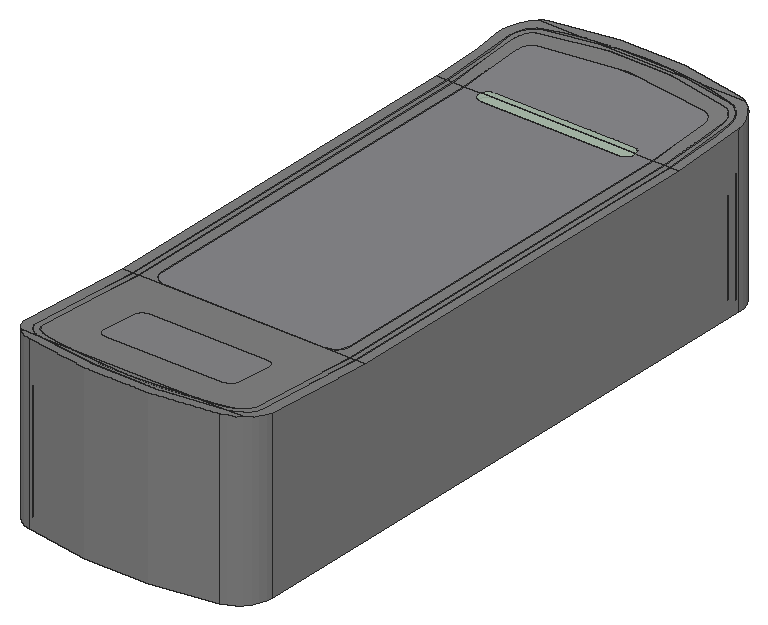
Revit family "Smartcard Reader_Farpointe_CSR-35_R17", category Security Devices, host Face, Revit 2017
Family settings
  Host = Face
  Maintain Annotation Orientation = No
  Round Connector Dimension = Use Diameter
  Part Type = Normal
  Cut with Voids When Loaded = No
  Shared = No
  Room Calculation Point = No
Parameters (values of type "Mullion")
  Width = 1.7"
  URL - Quick Start Guides [instance] = "http://farpointedata.com/downloads/qsg_and_ref/Conekt_QSG.pdf"
  URL - Mounting Guides Letter Size [instance] = "http://farpointedata.com/downloads/mounting_guides/MountingGuide_CSR35_Ltr.pdf"
  URL - Mounting Guides A4 Size [instance] = "N/A"
  URL - Data Sheets [instance] = "http://farpointedata.com/downloads/datasheets/CSR35_Conekt_TDS.pdf"
  URL - Bid Specifications [instance] = "http://farpointedata.com/downloads/bid_specs/Farpointe_Conekt_CSI_MF14_Specification.docx"
  URL = "http://www.farpointedata.com/"
  PLATE = no
  Manufacturer = "Farpointe Data"  # constant formula
  Height = 4.7"
  Depth = 1.2"
  Default Elevation = 48"
Types (3): name | Width | PLATE | Height
  (no name) | 1.7" | no | 4.7"
  Mullion | 1.7" | no | 4.7"
  Switch Plate | 3" | yes | 5.1"
Reference planes (in)
  plane 1 "Center (Front/Back)": y = 0
  plane 2: z = 0
  plane 3 "Center (Left/Right)": x = 0
  plane 4: x = -0.85
  plane 5: x = 0.85
  plane 6: y = 2.35
  plane 7: y = -2.35
  plane 8: z = 1.2
Dimensions and locks (in)
  equal spacing: plane 7, plane 1 "Center (Front/Back)", plane 6
  equal spacing: plane 4, plane 3 "Center (Left/Right)", plane 5
  "Height": plane 7 to plane 6
  "Width": plane 4 to plane 5
  "Depth": plane 8 to level
  aligned and locked: plane 2 to host face
  aligned and locked: level to host face
Automatic sketch dimensions
  host sketch curve to host sketch curve = 8.0501"
  host sketch curve to host sketch curve = 10.15159"
Nested families (in)
  nested 1: "Farpointe_CSR35_MULLION_R16" at (0, 0, 0), type "MULLION"
    with URL - Quick Start Guides "", URL - Mounting Guides Letter Size "", URL - Mounting Guides A4 Size "", URL - Data Sheets "", URL - Bid Specifications "", Plastic_Matte Plastic - Matte Black, Plastic_Gloss Plastic - Gloss Black, LED LED
  nested 2: "Farpointe_CSR35_PLATE_R16" at (0, 0, 0), visible <- "PLATE", type "MULLION"
    with URL - Quick Start Guides "", URL - Mounting Guides Letter Size "", URL - Mounting Guides A4 Size "", URL - Data Sheets "", URL - Bid Specifications "", Plastic_Matte Plastic - Matte Black, Plastic_Gloss Plastic - Gloss Black, LED LED
Definition of nested family "Farpointe_CSR35_MULLION_R16"
  Parameters (values of type "MULLION")
    Width = 1.7"
    URL - Quick Start Guides [instance] = ""
    URL - Mounting Guides Letter Size [instance] = ""
    URL - Mounting Guides A4 Size [instance] = ""
    URL - Data Sheets [instance] = ""
    URL - Bid Specifications [instance] = ""
    URL = "http://www.farpointedata.com/"
    Plastic_Matte [instance] = none
    Manufacturer = "Farpointe Data"  # constant formula
    LED [instance] = none
    Height = 4.7"
    Plastic_Gloss [instance] = none
    Depth = 1.2"
    Default Elevation = 48"
  Reference planes (in)
    plane 1 "Center (Front/Back)": y = 0
    plane 2: z = 0
    plane 3 "Center (Left/Right)": x = 0
    plane 4: x = -0.85
    plane 5: x = 0.85
    plane 6: y = 2.35
    plane 7: y = -2.35
    plane 8: z = 1.2
    plane 9: x = -0.71562
    plane 10: x = 0.71563
    plane 11: x = -0.71562
    plane 12: x = 0.71563
    plane 13: x = -0.71562
    plane 14: x = 0.71563
    plane 15: x = -0.71562
    plane 16: x = 0.71563
    plane 17: x = -0.71562
    plane 18: x = 0.71563
    plane 19: x = -0.71562
    plane 20: x = 0.71563
  Forms (in)
    Extrusion 1, solid
      sketch origin (0, 0, 0) x (1, 0, 0) y (0, 1, 0)
        loop
          line (-48, 48) -> (-48, -48) -> (48, -48) -> (48, 48) -> (-48, 48)
      from 0 to -12
    Extrusion 2, solid, material <- "Plastic_Gloss"
      sketch origin (0, 0, 0) x (1, 0, 0) y (0, 1, 0)
        loop
          arc (-0.66774, 2.27156) -> (-0.79894, 2.18781) -> (-0.85, 2.04077) r 0.23724
          line (-0.85, 2.04077) -> (-0.85, -2.04077)
          arc (-0.85, -2.04077) -> (-0.79894, -2.18781) -> (-0.66774, -2.27156) r 0.23724
          arc (-0.66774, -2.27156) -> (0, -2.35) -> (0.66774, -2.27156) r 2.88123
          arc (0.66774, -2.27156) -> (0.79894, -2.18781) -> (0.85, -2.04077) r 0.23724
          line (0.85, -2.04077) -> (0.85, 2.04077)
          arc (0.85, 2.04077) -> (0.79894, 2.18781) -> (0.66774, 2.27156) r 0.23724
          arc (0.66774, 2.27156) -> (0, 2.35) -> (-0.66774, 2.27156) r 2.88123
        loop
          arc (-0.65152, 2.20346) -> (-0.74401, 2.14443) -> (-0.78, 2.04077) r 0.16724
          line (-0.78, 2.04077) -> (-0.78, -2.04077)
          arc (-0.78, -2.04077) -> (-0.74401, -2.14443) -> (-0.65152, -2.20346) r 0.16724
          arc (-0.65152, -2.20346) -> (0, -2.28) -> (0.65152, -2.20346) r 2.81123
          arc (0.65152, -2.20346) -> (0.74401, -2.14443) -> (0.78, -2.04077) r 0.16724
          line (0.78, -2.04077) -> (0.78, 2.04077)
          arc (0.78, 2.04077) -> (0.74401, 2.14443) -> (0.65152, 2.20346) r 0.16724
          arc (0.65152, 2.20346) -> (0, 2.28) -> (-0.65152, 2.20346) r 2.81123
      from 0 to 1.2
    Extrusion 3, solid, material <- "Plastic_Gloss"
      sketch origin (0, 0, 0) x (1, 0, 0) y (0, 1, 0)
        loop
          arc (-0.65152, 2.20346) -> (-0.74401, 2.14443) -> (-0.78, 2.04077) r 0.16724
          line (-0.78, 2.04077) -> (-0.78, -2.04077)
          arc (-0.78, -2.04077) -> (-0.74401, -2.14443) -> (-0.65152, -2.20346) r 0.16724
          arc (-0.65152, -2.20346) -> (0, -2.28) -> (0.65152, -2.20346) r 2.81123
          arc (0.65152, -2.20346) -> (0.74401, -2.14443) -> (0.78, -2.04077) r 0.16724
          line (0.78, -2.04077) -> (0.78, 2.04077)
          arc (0.78, 2.04077) -> (0.74401, 2.14443) -> (0.65152, 2.20346) r 0.16724
          arc (0.65152, 2.20346) -> (0, 2.28) -> (-0.65152, 2.20346) r 2.81123
        loop
          arc (-0.64225, 2.16455) -> (-0.71262, 2.11964) -> (-0.74, 2.04077) r 0.12724
          line (-0.74, 2.04077) -> (-0.74, -2.04077)
          arc (-0.74, -2.04077) -> (-0.71262, -2.11964) -> (-0.64225, -2.16455) r 0.12724
          arc (-0.64225, -2.16455) -> (0, -2.24) -> (0.64225, -2.16455) r 2.77123
          arc (0.64225, -2.16455) -> (0.71262, -2.11964) -> (0.74, -2.04077) r 0.12724
          line (0.74, -2.04077) -> (0.74, 2.04077)
          arc (0.74, 2.04077) -> (0.71262, 2.11964) -> (0.64225, 2.16455) r 0.12724
          arc (0.64225, 2.16455) -> (0, 2.24) -> (-0.64225, 2.16455) r 2.77123
      from 0 to 1.2
    Extrusion 4, solid, material <- "Plastic_Gloss"
      sketch origin (0, 0, 0) x (1, 0, 0) y (0, 1, 0)
        loop
          arc (-0.64225, 2.16455) -> (-0.71262, 2.11964) -> (-0.74, 2.04077) r 0.12724
          line (-0.74, 2.04077) -> (-0.74, -2.04077)
          arc (-0.74, -2.04077) -> (-0.71262, -2.11964) -> (-0.64225, -2.16455) r 0.12724
          arc (-0.64225, -2.16455) -> (0, -2.24) -> (0.64225, -2.16455) r 2.77123
          arc (0.64225, -2.16455) -> (0.71262, -2.11964) -> (0.74, -2.04077) r 0.12724
          line (0.74, -2.04077) -> (0.74, 2.04077)
          arc (0.74, 2.04077) -> (0.71262, 2.11964) -> (0.64225, 2.16455) r 0.12724
          arc (0.64225, 2.16455) -> (0, 2.24) -> (-0.64225, 2.16455) r 2.77123
        loop
          arc (-0.58278, 2.07565) -> (-0.63901, 2.04058) -> (-0.66096, 1.97806) r 0.1
          line (-0.66096, 1.97806) -> (-0.66096, -1.12207)
          arc (-0.66096, -1.12207) -> (-0.63168, -1.19278) -> (-0.56096, -1.22207) r 0.1
          line (-0.56096, -1.22207) -> (0.56096, -1.22207)
          arc (0.56096, -1.22207) -> (0.63168, -1.19278) -> (0.66096, -1.12207) r 0.1
          line (0.66096, -1.12207) -> (0.66096, 1.97806)
          arc (0.66096, 1.97806) -> (0.63901, 2.04058) -> (0.58278, 2.07565) r 0.1
          arc (0.58278, 2.07565) -> (0, 2.14) -> (-0.58278, 2.07565) r 2.67123
        loop
          arc (-0.41086, -1.53207) -> (-0.45506, -1.55038) -> (-0.47336, -1.59457) r 0.0625
          line (-0.47336, -1.59457) -> (-0.47336, -1.8675)
          arc (-0.47336, -1.8675) -> (-0.45506, -1.91169) -> (-0.41086, -1.93) r 0.0625
          line (-0.41086, -1.93) -> (0.41086, -1.93)
          arc (0.41086, -1.93) -> (0.45506, -1.91169) -> (0.47336, -1.8675) r 0.0625
          line (0.47336, -1.8675) -> (0.47336, -1.59457)
          arc (0.47336, -1.59457) -> (0.45506, -1.55038) -> (0.41086, -1.53207) r 0.0625
          line (0.41086, -1.53207) -> (-0.41086, -1.53207)
      from 0 to 1.2
    Extrusion 5, solid, material <- "Plastic_Matte"
      sketch origin (0, 0, 0) x (1, 0, 0) y (0, 1, 0)
        loop
          arc (-0.58278, 2.07565) -> (-0.63901, 2.04058) -> (-0.66096, 1.97806) r 0.1
          line (-0.66096, 1.97806) -> (-0.66096, -1.12207)
          arc (-0.66096, -1.12207) -> (-0.63168, -1.19278) -> (-0.56096, -1.22207) r 0.1
          line (-0.56096, -1.22207) -> (0.56096, -1.22207)
          arc (0.56096, -1.22207) -> (0.63168, -1.19278) -> (0.66096, -1.12207) r 0.1
          line (0.66096, -1.12207) -> (0.66096, 1.97806)
          arc (0.66096, 1.97806) -> (0.63901, 2.04058) -> (0.58278, 2.07565) r 0.1
          arc (0.58278, 2.07565) -> (0, 2.14) -> (-0.58278, 2.07565) r 2.67123
        loop
          line (0.48286, 1.57518) -> (-0.48286, 1.57518)
          arc (-0.48286, 1.57518) -> (-0.54476, 1.51329) -> (-0.48286, 1.4514) r 0.06189
          line (-0.48286, 1.4514) -> (0.48286, 1.4514)
          arc (0.48286, 1.4514) -> (0.54476, 1.51329) -> (0.48286, 1.57518) r 0.06189
        loop
          arc (-0.41086, -1.53207) -> (-0.45506, -1.55038) -> (-0.47336, -1.59457) r 0.0625
          line (-0.47336, -1.59457) -> (-0.47336, -1.8675)
          arc (-0.47336, -1.8675) -> (-0.45506, -1.91169) -> (-0.41086, -1.93) r 0.0625
          line (-0.41086, -1.93) -> (0.41086, -1.93)
          arc (0.41086, -1.93) -> (0.45506, -1.91169) -> (0.47336, -1.8675) r 0.0625
          line (0.47336, -1.8675) -> (0.47336, -1.59457)
          arc (0.47336, -1.59457) -> (0.45506, -1.55038) -> (0.41086, -1.53207) r 0.0625
          line (0.41086, -1.53207) -> (-0.41086, -1.53207)
      from 0 to 1.2
    Extrusion 6, solid, material <- "LED"
      sketch origin (0, 0, 0) x (1, 0, 0) y (0, 1, 0)
        loop
          line (0.48286, 1.57518) -> (-0.48286, 1.57518)
          arc (-0.48286, 1.57518) -> (-0.54476, 1.51329) -> (-0.48286, 1.4514) r 0.06189
          line (-0.48286, 1.4514) -> (0.48286, 1.4514)
          arc (0.48286, 1.4514) -> (0.54476, 1.51329) -> (0.48286, 1.57518) r 0.06189
      from 1.08089 to 1.2
    Extrusion 7, void
      sketch origin (0, 0, 0) x (0, 1, 0) y (0, 0, 1)
        loop
          line (-1.22367, 1.10847) -> (1.52633, 1.10847)
          arc (1.52633, 1.10847) -> (1.89088, 1.12803) -> (2.25125, 1.18648) r 3.40728
          arc (2.25125, 1.18648) -> (2.43941, 1.19273) -> (2.61756, 1.13186) r 0.52234
          arc (2.61756, 1.13186) -> (2.7148, 1.14927) -> (2.71664, 1.24804) r 0.07783
          arc (2.71664, 1.24804) -> (2.53201, 1.53935) -> (2.41153, 1.86251) r 1.66069
          arc (2.41153, 1.86251) -> (1.08419, 2.25443) -> (-0.27026, 1.96999) r 2.82973
          arc (-0.27026, 1.96999) -> (-1.20244, 1.64322) -> (-2.18672, 1.72634) r 2.36145
          arc (-2.18672, 1.72634) -> (-2.56402, 1.56803) -> (-2.97212, 1.59755) r 0.87961
          arc (-2.97212, 1.59755) -> (-3.29584, 1.36078) -> (-2.97254, 1.12344) r 0.24861
          arc (-2.97254, 1.12344) -> (-2.5914, 1.19715) -> (-2.20346, 1.18272) r 1.70477
          arc (-2.20346, 1.18272) -> (-1.71497, 1.12706) -> (-1.22367, 1.10847) r 6.50153
      from -1.37394 to 1.04822
    Extrusion 8, solid, material <- "Plastic_Matte"
      sketch origin (0, 0, 0) x (1, 0, 0) y (0, 1, 0)
        loop
          line (0.48286, 1.57518) -> (-0.48286, 1.57518)
          arc (-0.48286, 1.57518) -> (-0.54476, 1.51329) -> (-0.48286, 1.4514) r 0.06189
          line (-0.48286, 1.4514) -> (0.48286, 1.4514)
          arc (0.48286, 1.4514) -> (0.54476, 1.51329) -> (0.48286, 1.57518) r 0.06189
      from 0 to 1.08089
  Cuts and joins
    Extrusion 7 cuts Extrusion 3
    Extrusion 7 cuts Extrusion 6
    Extrusion 7 cuts Extrusion 2
    Extrusion 7 cuts Extrusion 4
    Extrusion 7 cuts Extrusion 5
  Dimensions and locks (in)
    equal spacing: plane 7, plane 1 "Center (Front/Back)", plane 6
    equal spacing: plane 4, plane 3 "Center (Left/Right)", plane 5
    "Height": plane 7 to plane 6
    "Width": plane 4 to plane 5
    "Depth": plane 8 to level
    aligned and locked: plane 2 to Extrusion 1
    aligned and locked: level to Extrusion 1
  Automatic sketch dimensions
    Extrusion 1 sketch curve to Extrusion 1 sketch curve = 96"  (x2)
    Extrusion 2 sketch curve to plane 3 "Center (Left/Right)" = 0"  (x2)
    Extrusion 2 sketch curve to plane 5 = 0"
    Extrusion 2 sketch curve to plane 9 = 0.10286"
    Extrusion 2 sketch curve to plane 10 = 0.10286"  (x2)
    Extrusion 2 sketch curve to plane 7 = 0.30923"
    plane 6 to Extrusion 2 sketch curve = 0.30923"
    Extrusion 2 sketch curve to plane 10 = 0.04788"  (x2)
    Extrusion 2 sketch curve to Extrusion 2 sketch curve = 0"  (x15)
    Extrusion 2 sketch curve to plane 4 = 0"
    Extrusion 2 sketch curve to Extrusion 2 sketch curve = 0.01622"  (x7)
    Extrusion 2 sketch curve to Extrusion 2 sketch curve = 0.06809"
    Extrusion 3 sketch curve to plane 3 "Center (Left/Right)" = 0"  (x2)
    plane 11 to Extrusion 3 sketch curve = 0.06437"
    Extrusion 3 sketch curve to plane 11 = 0.10286"  (x2)
    Extrusion 3 sketch curve to plane 12 = 0.10286"  (x2)
    plane 12 to Extrusion 3 sketch curve = 0.06438"
    Extrusion 3 sketch curve to plane 7 = 0.30923"
    plane 6 to Extrusion 3 sketch curve = 0.30923"
    Extrusion 3 sketch curve to Extrusion 3 sketch curve = 0"  (x14)
    Extrusion 3 sketch curve to Extrusion 3 sketch curve = 0.00927"  (x7)
    Extrusion 3 sketch curve to Extrusion 3 sketch curve = 0.03891"
    Extrusion 5 sketch curve to plane 3 "Center (Left/Right)" = 0"
    Extrusion 5 sketch curve to plane 15 = 0.23276"
    Extrusion 5 sketch curve to plane 15 = 0.15466"  (x2)
    Extrusion 5 sketch curve to plane 15 = 0.05466"
    Extrusion 5 sketch curve to plane 16 = 0.23276"
    Extrusion 5 sketch curve to plane 16 = 0.15466"  (x2)
    Extrusion 5 sketch curve to plane 16 = 0.05466"
    Extrusion 5 sketch curve to plane 7 = 1.12793"
    plane 1 "Center (Front/Back)" to Extrusion 5 sketch curve = 0.53123"
    plane 6 to Extrusion 5 sketch curve = 0.8986"
    Extrusion 5 sketch curve to Extrusion 5 sketch curve = 0.06189"
    plane 6 to Extrusion 5 sketch curve = 0.37194"  (x2)
    Extrusion 5 sketch curve to Extrusion 5 sketch curve = 0"
    Extrusion 6 sketch curve to plane 17 = 0.23276"
    Extrusion 6 sketch curve to plane 18 = 0.23276"
    plane 6 to Extrusion 6 sketch curve = 0.8986"
    Extrusion 6 sketch curve to Extrusion 6 sketch curve = 0.06189"
    Extrusion 8 sketch curve to plane 19 = 0.23276"
    Extrusion 8 sketch curve to plane 20 = 0.23276"
    plane 6 to Extrusion 8 sketch curve = 0.8986"
    Extrusion 8 sketch curve to Extrusion 8 sketch curve = 0.06189"
    Extrusion 4 sketch curve to Extrusion 4 sketch curve = 0"  (x7)
    Extrusion 4 sketch curve to plane 3 "Center (Left/Right)" = 0"  (x2)
    Extrusion 4 sketch curve to plane 3 "Center (Left/Right)" = 0.41086"
    Extrusion 4 sketch curve to plane 13 = 0.15466"  (x2)
    Extrusion 4 sketch curve to plane 13 = 0.10286"
    Extrusion 4 sketch curve to Extrusion 4 sketch curve = 0.0518"  (x2)
    Extrusion 4 sketch curve to plane 13 = 0.05466"
    plane 13 to Extrusion 4 sketch curve = 0.02437"
    plane 3 "Center (Left/Right)" to Extrusion 4 sketch curve = 0.41086"
    Extrusion 4 sketch curve to Extrusion 4 sketch curve = 0.0625"  (x2)
    Extrusion 4 sketch curve to plane 14 = 0.15466"  (x2)
    Extrusion 4 sketch curve to plane 14 = 0.10286"
    Extrusion 4 sketch curve to plane 14 = 0.05466"
    plane 14 to Extrusion 4 sketch curve = 0.02438"
    Extrusion 4 sketch curve to plane 7 = 0.30923"  (x2)
    Extrusion 4 sketch curve to Extrusion 4 sketch curve = 0.11077"
    Extrusion 4 sketch curve to Extrusion 4 sketch curve = 0.27293"
    Extrusion 4 sketch curve to Extrusion 4 sketch curve = 0.31"
    plane 1 "Center (Front/Back)" to Extrusion 4 sketch curve = 0.53123"
    Extrusion 4 sketch curve to plane 1 "Center (Front/Back)" = 0.53123"
    plane 6 to Extrusion 4 sketch curve = 0.37194"  (x2)
    Extrusion 4 sketch curve to Extrusion 4 sketch curve = 0.06271"
    Extrusion 4 sketch curve to Extrusion 4 sketch curve = 0.03488"
    Extrusion 5 sketch curve to plane 15 = 0.24226"
    Extrusion 5 sketch curve to Extrusion 5 sketch curve = 0.0625"  (x3)
    Extrusion 5 sketch curve to plane 16 = 0.30476"  (x2)
    Extrusion 5 sketch curve to Extrusion 5 sketch curve = 0.31"
    Extrusion 5 sketch curve to Extrusion 5 sketch curve = 0.27293"
    plane 8 to Extrusion 7 sketch curve = 0.16056"
    plane 7 to Extrusion 7 sketch curve = 0.69723"
    plane 7 to Extrusion 7 sketch curve = 0.35635"
    plane 7 to Extrusion 7 sketch curve = 0.11037"
    Extrusion 7 sketch curve to plane 7 = 0.84974"
    Extrusion 7 sketch curve to plane 8 = 0.09153"
    Extrusion 7 sketch curve to plane 7 = 1.12633"
    Extrusion 7 sketch curve to level = 0.57303"
    Extrusion 7 sketch curve to plane 1 "Center (Front/Back)" = 0.97087"
    plane 6 to Extrusion 7 sketch curve = 0.82367"
    Extrusion 7 sketch curve to plane 6 = 0.01238"
    Extrusion 7 sketch curve to plane 8 = 0.00022"
    Extrusion 7 sketch curve to plane 6 = 0.30558"
    Extrusion 7 sketch curve to level = 0.50258"
    Extrusion 7 sketch curve to plane 8 = 0.52391"
    Extrusion 7 sketch curve to Extrusion 7 sketch curve = 1.07549"
    Extrusion 7 sketch curve to Extrusion 7 sketch curve = 0.52994"
    Extrusion 7 sketch curve to Extrusion 7 sketch curve = 3.62419"
    Extrusion 7 sketch curve to plane 8 = 0.07656"
    Extrusion 7 sketch curve to Extrusion 7 sketch curve = 0"  (x5)
    Extrusion 7 sketch curve to plane 7 = 0.16328"
    plane 1 "Center (Front/Back)" to Extrusion 7 sketch curve = 0.27026"
    Extrusion 7 sketch curve to plane 6 = 0.06153"
    plane 8 to Extrusion 7 sketch curve = 0.04804"
    Extrusion 7 sketch curve to Extrusion 7 sketch curve = 0.06106"
Definition of nested family "Farpointe_CSR35_PLATE_R16"
  Parameters (values of type "MULLION")
    Width = 3"
    URL - Quick Start Guides [instance] = ""
    URL - Mounting Guides Letter Size [instance] = ""
    URL - Mounting Guides A4 Size [instance] = ""
    URL - Data Sheets [instance] = ""
    URL - Bid Specifications [instance] = ""
    URL = "http://www.farpointedata.com/"
    Plastic_Matte [instance] = none
    Manufacturer = "Farpointe Data"  # constant formula
    LED [instance] = none
    Height = 5.1"
    Plastic_Gloss [instance] = none
    Depth = 1.2"
    Default Elevation = 48"
  Reference planes (in)
    plane 1 "Center (Front/Back)": y = 0
    plane 2: z = 0
    plane 3 "Center (Left/Right)": x = 0
    plane 4: x = -1.5
    plane 5: x = 1.5
    plane 6: y = 2.55
    plane 7: y = -2.55
    plane 8: z = 1.2
    plane 9: x = -0.71562
    plane 10: x = 0.71563
  Forms (in)
    Extrusion 1, solid
      sketch origin (0, 0, 0) x (1, 0, 0) y (0, 1, 0)
        loop
          line (-3, 5) -> (-3, -4.62308) -> (3.562, -4.62308) -> (3.562, 5) -> (-3, 5)
      from 0 to -0.74626
    Extrusion 2, solid, material <- "Plastic_Gloss"
      sketch origin (0, 0, 0) x (1, 0, 0) y (0, 1, 0)
        loop
          arc (-0.66774, 2.27156) -> (-0.79894, 2.18781) -> (-0.85, 2.04077) r 0.23724
          line (-0.85, 2.04077) -> (-0.85, -2.04077)
          arc (-0.85, -2.04077) -> (-0.79894, -2.18781) -> (-0.66774, -2.27156) r 0.23724
          arc (-0.66774, -2.27156) -> (0, -2.35) -> (0.66774, -2.27156) r 2.88123
          arc (0.66774, -2.27156) -> (0.79894, -2.18781) -> (0.85, -2.04077) r 0.23724
          line (0.85, -2.04077) -> (0.85, 2.04077)
          arc (0.85, 2.04077) -> (0.79894, 2.18781) -> (0.66774, 2.27156) r 0.23724
          arc (0.66774, 2.27156) -> (0, 2.35) -> (-0.66774, 2.27156) r 2.88123
        loop
          arc (-1.125, 2.55) -> (-1.39017, 2.44017) -> (-1.5, 2.175) r 0.375
          line (-1.5, 2.175) -> (-1.5, -2.175)
          arc (-1.5, -2.175) -> (-1.39017, -2.44017) -> (-1.125, -2.55) r 0.375
          line (-1.125, -2.55) -> (1.125, -2.55)
          arc (1.125, -2.55) -> (1.39017, -2.44017) -> (1.5, -2.175) r 0.375
          line (1.5, -2.175) -> (1.5, 2.175)
          arc (1.5, 2.175) -> (1.39017, 2.44017) -> (1.125, 2.55) r 0.375
          line (1.125, 2.55) -> (-1.125, 2.55)
      from 0 to 1.06761
    Sweep 3, void
      path origin (0, 0, 0) x (1, 0, 0) y (0, 1, 0)
        loop
          line (-1.125, -2.55) -> (1.125, -2.55)
          arc (1.125, -2.55) -> (1.39017, -2.44017) -> (1.5, -2.175) r 0.375
          line (1.5, -2.175) -> (1.5, 2.175)
          arc (1.5, 2.175) -> (1.39017, 2.44017) -> (1.125, 2.55) r 0.375
          line (1.125, 2.55) -> (-1.125, 2.55)
          arc (-1.125, 2.55) -> (-1.39017, 2.44017) -> (-1.5, 2.175) r 0.375
          line (-1.5, 2.175) -> (-1.5, -2.175)
          arc (-1.5, -2.175) -> (-1.39017, -2.44017) -> (-1.125, -2.55) r 0.375
      profile origin (0, -2.55, 0) x (0, 1, 0) y (0, 0, 1)
        loop
          arc (0, 0.92338) -> (0.04225, 1.02537) -> (0.14424, 1.06761) r 0.14424
          line (0.14424, 1.06761) -> (0, 1.06761) -> (0, 0.92338)
  Cuts and joins
    Sweep 3 cuts Extrusion 2
  Dimensions and locks (in)
    equal spacing: plane 7, plane 1 "Center (Front/Back)", plane 6
    equal spacing: plane 4, plane 3 "Center (Left/Right)", plane 5
    "Height": plane 7 to plane 6
    "Width": plane 4 to plane 5
    "Depth": plane 8 to level
    aligned and locked: plane 2 to Extrusion 1
    aligned and locked: level to Extrusion 1
  Automatic sketch dimensions
    Extrusion 1 sketch curve to Extrusion 1 sketch curve = 6.562"
    Extrusion 1 sketch curve to Extrusion 1 sketch curve = 9.62308"
    Extrusion 2 sketch curve to plane 4 = 0"
    plane 7 to Extrusion 2 sketch curve = 0"
    plane 6 to Extrusion 2 sketch curve = 0"
    Extrusion 2 sketch curve to plane 3 "Center (Left/Right)" = 0"  (x2)
    Extrusion 2 sketch curve to plane 5 = 0"
    plane 9 to Extrusion 2 sketch curve = 0.40937"
    plane 9 to Extrusion 2 sketch curve = 0.40938"
    plane 9 to Extrusion 2 sketch curve = 0.13437"
    Extrusion 2 sketch curve to plane 9 = 0.10286"  (x2)
    Extrusion 2 sketch curve to plane 10 = 0.10286"  (x2)
    plane 10 to Extrusion 2 sketch curve = 0.13438"
    plane 10 to Extrusion 2 sketch curve = 0.40937"  (x2)
    Extrusion 2 sketch curve to Extrusion 2 sketch curve = 0.13423"  (x4)
    plane 1 "Center (Front/Back)" to Extrusion 2 sketch curve = 0.53123"
    Extrusion 2 sketch curve to plane 1 "Center (Front/Back)" = 0.53123"
    Extrusion 2 sketch curve to plane 10 = 0.04788"  (x2)
    Extrusion 2 sketch curve to Extrusion 2 sketch curve = 0"  (x2)
    Sweep 3 sketch curve to plane 4 = 0"
    plane 7 to Sweep 3 sketch curve = 0"
    plane 6 to Sweep 3 sketch curve = 0"
    Sweep 3 sketch curve to plane 5 = 0"
    plane 4 to Sweep 3 sketch curve = 0.375"  (x2)
    Sweep 3 sketch curve to plane 5 = 0.375"
    Sweep 3 sketch curve to Sweep 3 sketch curve = 0.375"
    Sweep 3 sketch curve to profile plane = 0"
    Sweep 3 sketch curve to profile plane = 0.14424"
    level to Sweep 3 sketch curve = 0.92338"
